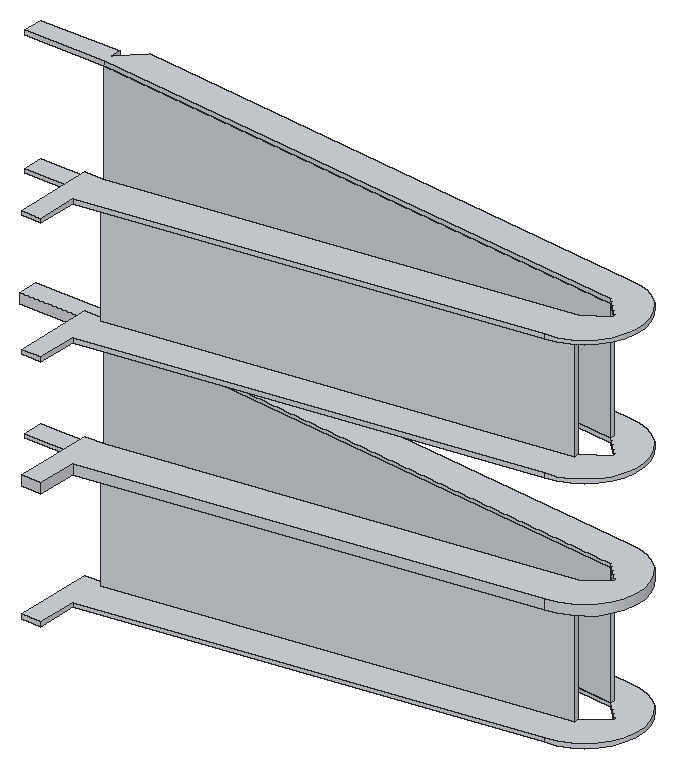
Revit family "BC400G_2017_new", category Electrical Equipment, Revit 2017
Family settings
  Round Connector Dimension = Use Diameter
  Part Type = Panelboard
  OmniClass Number = 23.80.30.11.17
  OmniClass Title = Distribution Boards and Control Panels
  Work Plane-Based = No
  Always vertical = Yes
  Cut with Voids When Loaded = No
  Shared = No
  Room Calculation Point = No
Parameters
  Width = 1' - 0 59/256"  # constant formula
  Symbol Visible [instance] = yes
  Label Visible [instance] = yes
  Label Type = Generic Label 2017 : Generic Label 2017
  Label Angle [instance] = 0.00°
  Label - Y Offset [instance] = 0' - 0"
  Label - X Offset [instance] = 0' - 0"
  Label [instance] = ""
  Height = 1' - 3 147/256"  # constant formula
  Elevation from Level [instance] = 0' - 11.865"
  Depth = 0' - 4 143/256"  # constant formula
Reference planes (in)
  plane 1 "Center (Front/Back)": y = -0.17156
  plane 2: z = 0
  plane 3 "Center (Left/Right)": x = 0
  plane 4: x = 6.11523
  plane 5: x = -6.11523
  plane 6: y = -2.45086
  plane 7: z = 27.43922
  plane 8: x = 0
  plane 9: y = -0.17156
  plane 10: z = 11.865
  plane 11: y = 2.10773
Forms (in)
  Extrusion 1, solid, not visible
    sketch origin (0, 0, 0) x (1, 0, 0) y (0, 1, 0)
      loop
        line (-4, 10.25) -> (-3.5, 10.25) -> (-3.5, 11.23922) -> (7.17938, 12.82098)
        arc (7.17938, 12.82098) -> (8.48228, 14.238) -> (7.10223, 15.58) r 1.38059
        line (7.10223, 15.58) -> (-5.96967, 16.76505) -> (-6.5, 16.23472) -> (-6.5, 16.48472) -> (-8.5, 16.48472) -> (-8.5, 15.98472) -> (-6.5, 15.98472) -> (7.31887, 14.74382) -> (7.82469, 14.238) -> (7.22723, 13.8296) -> (-3.5, 12.25) -> (-4, 12.25) -> (-4, 10.25)
    from 0 to 0.10156
  Extrusion 2, solid, not visible
    sketch origin (0, 0, -6) x (1, 0, 0) y (0, 1, 0)
      loop
        line (-4, 10.25) -> (-3.5, 10.25) -> (-3.5, 11.23922) -> (7.17938, 12.82098)
        arc (7.17938, 12.82098) -> (8.48228, 14.238) -> (7.10223, 15.58) r 1.38059
        line (7.10223, 15.58) -> (-5.96967, 16.76505) -> (-6.5, 16.23472) -> (-6.5, 16.48472) -> (-8.625, 16.48472) -> (-8.625, 15.98472) -> (-6.5, 15.98472) -> (7.31887, 14.74382) -> (7.82469, 14.238) -> (7.22723, 13.8296) -> (-3.5, 12.25) -> (-4, 12.25) -> (-4, 10.25)
    from 9 to 9.25
  Extrusion 3, solid, not visible
    sketch origin (0, 0, 0) x (1, 0, 0) y (0, 1, 0)
      loop
        line (-6.49717, 15.98447) -> (7.31887, 14.74382) -> (7.32795, 14.84497) -> (-6.48808, 16.08562) -> (-6.49717, 15.98447)
    from 0.10156 to 3.14844
  Extrusion 4, solid, not visible
    sketch origin (0, 0, 0) x (1, 0, 0) y (0, 1, 0)
      loop
        line (7.22723, 13.8296) -> (-3.5, 12.25) -> (-3.48179, 12.12633) -> (7.24544, 13.70594) -> (7.22723, 13.8296)
    from 0.10156 to 3.14844
  Extrusion 5, solid, not visible
    sketch origin (0, 0, 0) x (1, 0, 0) y (0, 1, 0)
      loop
        line (-4, 10.25) -> (-3.5, 10.25) -> (-3.5, 11.23922) -> (7.17938, 12.82098)
        arc (7.17938, 12.82098) -> (8.48228, 14.238) -> (7.10223, 15.58) r 1.38059
        line (7.10223, 15.58) -> (-5.96967, 16.76505) -> (-6.5, 16.23472) -> (-6.5, 16.48472) -> (-8.5, 16.48472) -> (-8.5, 15.98472) -> (-6.5, 15.98472) -> (7.31887, 14.74382) -> (7.82469, 14.238) -> (7.22723, 13.8296) -> (-3.5, 12.25) -> (-4, 12.25) -> (-4, 10.25)
    from 6 to 6.10156
  Extrusion 6, solid, not visible
    sketch origin (0, 0, 0) x (1, 0, 0) y (0, 1, 0)
      loop
        line (-4, 10.25) -> (-3.5, 10.25) -> (-3.5, 11.23922) -> (7.17938, 12.82098)
        arc (7.17938, 12.82098) -> (8.48228, 14.238) -> (7.10223, 15.58) r 1.38059
        line (7.10223, 15.58) -> (-5.96967, 16.76505) -> (-6.5, 16.23472) -> (-6.5, 16.48472) -> (-8.5, 16.48472) -> (-8.5, 15.98472) -> (-6.5, 15.98472) -> (7.31887, 14.74382) -> (7.82469, 14.238) -> (7.22723, 13.8296) -> (-3.5, 12.25) -> (-4, 12.25) -> (-4, 10.25)
    from 9.14844 to 9.25
  Extrusion 7, solid, not visible
    sketch origin (0, 0, 0) x (1, 0, 0) y (0, 1, 0)
      loop
        line (-6.49717, 15.98447) -> (7.31887, 14.74382) -> (7.32795, 14.84497) -> (-6.48808, 16.08562) -> (-6.49717, 15.98447)
    from 6.10156 to 9.14844
  Extrusion 8, solid, not visible
    sketch origin (0, 0, 0) x (1, 0, 0) y (0, 1, 0)
      loop
        line (7.22723, 13.8296) -> (-3.5, 12.25) -> (-3.48179, 12.12633) -> (7.24544, 13.70594) -> (7.22723, 13.8296)
    from 6.10156 to 9.14844
Lines and regions (in)
  symbolic lines, style "InvisibleLines"
    curve 1: line (0, 3.20344, 0) -> (0, -3.54656, 0)
    curve 2: line (-10.75, -0.17156, 0) -> (10.75, -0.17156, 0)
  symbolic lines, style "InvisibleLines", not visible
    curve 3: line (0, 3.375, 0) -> (0, -3.375, 0)
    curve 4: line (-10.75, 0, 0) -> (10.75, 0, 0)
  symbolic lines, style "ElectricalEquipment", visible <- "Symbol Visible"
    curve 5: line (6.25, -2.45086, 0) -> (-6.25, -2.45086, 0)
    curve 6: line (6.11523, 2.10773, 0) -> (-6.11523, 2.10773, 0)
    curve 7: line (6.11523, 2.10773, 0) -> (6.11523, -1.82656, 0)
    curve 8: line (6.25, -1.82656, 0) -> (-6.25, -1.82656, 0)
    curve 9: line (-6.11523, 2.10773, 0) -> (-6.11523, -1.82656, 0)
    curve 10: line (-6.25, -1.82656, 0) -> (-6.25, -2.45086, 0)
    curve 11: line (6.25, -1.82656, 0) -> (6.25, -2.45086, 0)
Dimensions and locks (in)
  equal spacing: plane 5, plane 3 "Center (Left/Right)", plane 4
  "Width": plane 5 to plane 4
  "Height": plane 7 to plane 10
  "Label - X Offset": plane 3 "Center (Left/Right)" to plane 8
  "Label - Y Offset": plane 1 "Center (Front/Back)" to plane 9
  "Elevation from Level": plane 10 to plane 2
  plane 4 to plane 5 = 1' - 0 59/256"
  "Depth": plane 6 to plane 11
  equal spacing: plane 6, plane 1 "Center (Front/Back)", plane 11
  aligned and locked: plane 9 to curve 2
  aligned and locked: plane 10 to import instance
  aligned and locked: plane 7 to import instance
  aligned and locked: curve 8 to import instance
  aligned and locked: curve 10 to import instance
  aligned and locked: curve 11 to import instance
Automatic sketch dimensions
  Extrusion 1 sketch curve to Extrusion 1 sketch curve = 0' - 0"
  Extrusion 1 sketch curve to Extrusion 1 sketch curve = 0' - 0.53033"
  Extrusion 1 sketch curve to Extrusion 1 sketch curve = 0' - 0 1/2"  (x3)
  Extrusion 1 sketch curve to Extrusion 1 sketch curve = 0' - 0 1/8"
  Extrusion 1 sketch curve to Extrusion 1 sketch curve = 0' - 0.21664"
  Extrusion 1 sketch curve to Extrusion 1 sketch curve = 0' - 0.98922"
  Extrusion 1 sketch curve to Extrusion 1 sketch curve = 0' - 1.01078"
  Extrusion 1 sketch curve to Extrusion 1 sketch curve = 0' - 1.00863"
  Extrusion 1 sketch curve to Extrusion 1 sketch curve = 0' - 0.36981"
  Extrusion 1 sketch curve to Extrusion 1 sketch curve = 0' - 0.03859"
  Extrusion 1 sketch curve to Extrusion 1 sketch curve = 0' - 0.54441"
  Extrusion 1 sketch curve to Extrusion 1 sketch curve = 0' - 0 1/4"
  Extrusion 1 sketch curve to Extrusion 1 sketch curve = 0' - 0.28033"
  Extrusion 2 sketch curve to Extrusion 2 sketch curve = 0' - 0"
  Extrusion 2 sketch curve to Extrusion 2 sketch curve = 0' - 0.53033"
  Extrusion 2 sketch curve to Extrusion 2 sketch curve = 0' - 0 1/2"  (x3)
  Extrusion 2 sketch curve to Extrusion 2 sketch curve = 0' - 0 1/8"
  Extrusion 2 sketch curve to Extrusion 2 sketch curve = 0' - 0.21664"
  Extrusion 2 sketch curve to Extrusion 2 sketch curve = 0' - 0.98922"
  Extrusion 2 sketch curve to Extrusion 2 sketch curve = 0' - 1.01078"
  Extrusion 2 sketch curve to Extrusion 2 sketch curve = 0' - 1.00863"
  Extrusion 2 sketch curve to Extrusion 2 sketch curve = 0' - 0.36981"
  Extrusion 2 sketch curve to Extrusion 2 sketch curve = 0' - 0.03859"
  Extrusion 2 sketch curve to Extrusion 2 sketch curve = 0' - 0.54441"
  Extrusion 2 sketch curve to Extrusion 2 sketch curve = 0' - 3.73472"
  Extrusion 2 sketch curve to Extrusion 2 sketch curve = 0' - 0 1/4"
  Extrusion 2 sketch curve to Extrusion 2 sketch curve = 0' - 0.28033"
  Extrusion 3 sketch curve to Extrusion 3 sketch curve = 0' - 0.00908"
  Extrusion 3 sketch curve to Extrusion 3 sketch curve = 0' - 0.10116"
  Extrusion 4 sketch curve to Extrusion 4 sketch curve = 0' - 0.12367"
  Extrusion 4 sketch curve to Extrusion 4 sketch curve = 0' - 0.01821"
  Extrusion 2 sketch curve to Extrusion 2 sketch curve = 0' - 2 1/8"
  Extrusion 2 sketch curve to Extrusion 2 sketch curve = 0' - 2 1/2"
  Extrusion 2 sketch curve to Extrusion 2 sketch curve = 0' - 10.60223"
  Extrusion 2 sketch curve to Extrusion 2 sketch curve = 0' - 0.04785"
  Extrusion 2 sketch curve to Extrusion 2 sketch curve = 0' - 0.50582"
  Extrusion 2 sketch curve to Extrusion 2 sketch curve = 0' - 0.57098"
  Extrusion 3 sketch curve to Extrusion 3 sketch curve = 1' - 1.81603"
  Extrusion 4 sketch curve to Extrusion 4 sketch curve = 0' - 10.72723"
  Extrusion 1 sketch curve to Extrusion 1 sketch curve = 0' - 2"
  Extrusion 1 sketch curve to Extrusion 1 sketch curve = 0' - 2 1/2"
  Extrusion 1 sketch curve to Extrusion 1 sketch curve = 0' - 10.60223"
  Extrusion 1 sketch curve to Extrusion 1 sketch curve = 0' - 0.04785"
  Extrusion 1 sketch curve to Extrusion 1 sketch curve = 0' - 0.50582"
  Extrusion 1 sketch curve to Extrusion 1 sketch curve = 0' - 0.57098"
  Extrusion 1 sketch curve to Extrusion 1 sketch curve = 0' - 3.73472"
  Extrusion 5 sketch curve to Extrusion 5 sketch curve = 0' - 0"
  Extrusion 5 sketch curve to Extrusion 5 sketch curve = 0' - 0.53033"
  Extrusion 5 sketch curve to Extrusion 5 sketch curve = 0' - 0 1/2"  (x3)
  Extrusion 5 sketch curve to Extrusion 5 sketch curve = 0' - 0 1/8"
  Extrusion 5 sketch curve to Extrusion 5 sketch curve = 0' - 0.21664"
  Extrusion 5 sketch curve to Extrusion 5 sketch curve = 0' - 0.98922"
  Extrusion 5 sketch curve to Extrusion 5 sketch curve = 0' - 1.01078"
  Extrusion 5 sketch curve to Extrusion 5 sketch curve = 0' - 1.00863"
  Extrusion 5 sketch curve to Extrusion 5 sketch curve = 0' - 0.36981"
  Extrusion 5 sketch curve to Extrusion 5 sketch curve = 0' - 0.03859"
  Extrusion 5 sketch curve to Extrusion 5 sketch curve = 0' - 0.54441"
  Extrusion 5 sketch curve to Extrusion 5 sketch curve = 0' - 0 1/4"
  Extrusion 5 sketch curve to Extrusion 5 sketch curve = 0' - 0.28033"
  Extrusion 6 sketch curve to Extrusion 6 sketch curve = 0' - 0"
  Extrusion 6 sketch curve to Extrusion 6 sketch curve = 0' - 0.53033"
  Extrusion 6 sketch curve to Extrusion 6 sketch curve = 0' - 0 1/2"  (x3)
  Extrusion 6 sketch curve to Extrusion 6 sketch curve = 0' - 0 1/8"
  Extrusion 6 sketch curve to Extrusion 6 sketch curve = 0' - 0.21664"
  Extrusion 6 sketch curve to Extrusion 6 sketch curve = 0' - 0.98922"
  Extrusion 6 sketch curve to Extrusion 6 sketch curve = 0' - 1.01078"
  Extrusion 6 sketch curve to Extrusion 6 sketch curve = 0' - 1.00863"
  Extrusion 6 sketch curve to Extrusion 6 sketch curve = 0' - 0.36981"
  Extrusion 6 sketch curve to Extrusion 6 sketch curve = 0' - 0.03859"
  Extrusion 6 sketch curve to Extrusion 6 sketch curve = 0' - 0.54441"
  Extrusion 6 sketch curve to Extrusion 6 sketch curve = 0' - 3.73472"
  Extrusion 6 sketch curve to Extrusion 6 sketch curve = 0' - 0 1/4"
  Extrusion 6 sketch curve to Extrusion 6 sketch curve = 0' - 0.28033"
  Extrusion 7 sketch curve to Extrusion 7 sketch curve = 0' - 0.00908"
  Extrusion 7 sketch curve to Extrusion 7 sketch curve = 0' - 0.10116"
  Extrusion 8 sketch curve to Extrusion 8 sketch curve = 0' - 0.12367"
  Extrusion 8 sketch curve to Extrusion 8 sketch curve = 0' - 0.01821"
  Extrusion 6 sketch curve to Extrusion 6 sketch curve = 0' - 2"
  Extrusion 6 sketch curve to Extrusion 6 sketch curve = 0' - 2 1/2"
  Extrusion 6 sketch curve to Extrusion 6 sketch curve = 0' - 10.60223"
  Extrusion 6 sketch curve to Extrusion 6 sketch curve = 0' - 0.04785"
  Extrusion 6 sketch curve to Extrusion 6 sketch curve = 0' - 0.50582"
  Extrusion 6 sketch curve to Extrusion 6 sketch curve = 0' - 0.57098"
  Extrusion 7 sketch curve to Extrusion 7 sketch curve = 1' - 1.81603"
  Extrusion 8 sketch curve to Extrusion 8 sketch curve = 0' - 10.72723"
  Extrusion 5 sketch curve to Extrusion 5 sketch curve = 0' - 0.04785"
  Extrusion 5 sketch curve to Extrusion 5 sketch curve = 0' - 2"
  Extrusion 5 sketch curve to Extrusion 5 sketch curve = 0' - 2 1/2"
  Extrusion 5 sketch curve to Extrusion 5 sketch curve = 0' - 10.60223"
  Extrusion 5 sketch curve to Extrusion 5 sketch curve = 0' - 0.50582"
  Extrusion 5 sketch curve to Extrusion 5 sketch curve = 0' - 0.57098"
  Extrusion 5 sketch curve to Extrusion 5 sketch curve = 0' - 3.73472"
  curve 9 to plane 5 = 0' - 0"
  curve 6 to plane 4 = 0' - 0"
  plane 6 to curve 5 = 0' - 0"
  plane 11 to curve 6 = 0' - 0"
Nested families (in)
  nested 1: "Generic Label 2017" at (-1.25796, -1.9359, 0), Label Angle <- "Label Angle", type <- "Label Type", visible <- "Label Visible", type "Generic Label 2017"
    with Label Angle 0.00°
  nested 2: "Generic Label 2017" at (-1.25796, -1.76433, 0), Label Angle <- "Label Angle", type <- "Label Type", visible <- "Label Visible", type "Generic Label 2017", not visible
    with Label Angle 0.00°
Definition of nested family "Generic Label 2017"
  Parameters (values of type "Generic Label 2017")
    Label Angle [instance] = 0.00°
    Label = ""
  Reference planes (in)
    plane 1: y = 0
    plane 2: x = 0
  Lines and regions (in)
    reference lines
      curve 1: line (0.05319, 3.48642, 0) -> (0.05319, -2.76358, 0)
      curve 2: line (-2.94681, 0.07185, 0) -> (3.55319, 0.07185, 0)
    detail lines
      curve 3: line (0.05319, 0.01481, 0) -> (0.05319, 0.1289, 0)
    detail lines, not visible
      curve 4: line (0.01286, 0.03152, 0) -> (0.01286, 0.1456, 0)
  Text (in)
    label "Label" at (0.05865, 0.07252, 0), shows "Label"
    label "Label" at (0.01831, 0.08923, 0), shows "Label", not visible
  Dimensions and locks (in)
    "Label Angle": angle curve 1 to curve 3
    aligned and locked: curve 1 to curve 3
  Automatic sketch dimensions
    curve 2 to plane 1 = 0' - 0.07185"
    curve 2 to plane 2 = 0' - 2.94681"
    plane 2 to curve 1 = 0' - 0.05319"
    plane 2 to curve 2 = 0' - 3.55319"
    plane 1 to curve 1 = 0' - 2.76358"
    curve 1 to plane 1 = 0' - 3.48642"
    curve 3 to curve 3 = 0' - 0"
    curve 3 to curve 3 = 0' - 0.11408"
    curve 4 to curve 4 = 0' - 0"
    curve 4 to curve 4 = 0' - 0.11408"
